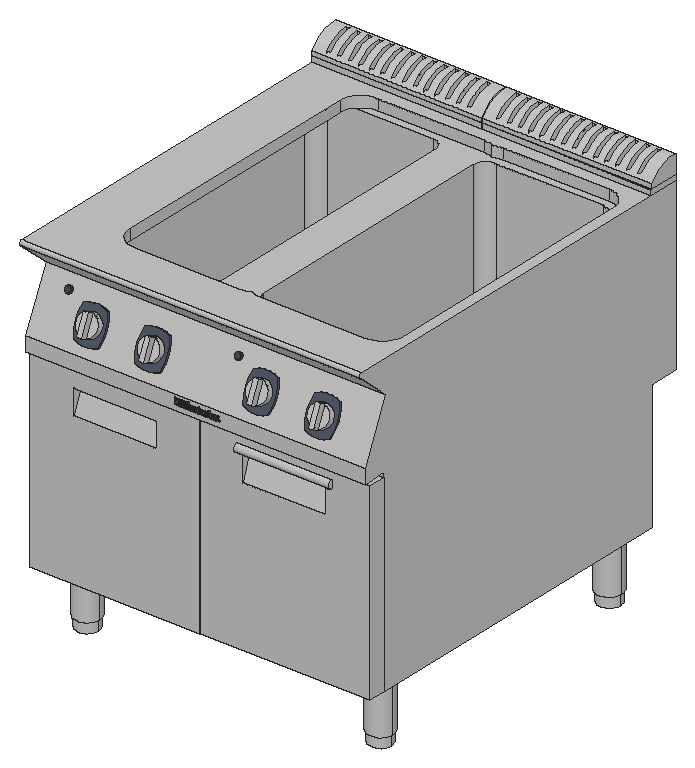
Revit family "QF_ELECTROLUXPROFESSIONAL_391625_E9OODTBAMEI", category Attrezzature speciali, Revit 2018
Family settings
  Quota connettore circolare = Usa diametro
  Tipo di parte = Normale
  Basato su piano di lavoro = No
  Sempre verticale = Sì
  Taglio con vuoti quando caricato = No
  Condiviso = No
  Punto di calcolo locali = No
Parameters (values of type "Standard")
  Weight = 115.00 kg
  Watts = 0 W
  Volts = 0 V
  URL Manufacturer = "https://www.electroluxprofessional.com/"
  URL = "https://www.electroluxprofessional.com/"
  Steam Supply Size = 0"
  Steam Supply Minimum Pressure = 0.00 psi
  Steam Supply Maximum Pressure = 0.00 psi
  Steam Consumption per Hour = 0
  Show Logo [instance] = yes
  Show Clearance [instance] = yes
  Refrigeration Suction Line Size = 0 mm
  Refrigeration Liquid Line Size = 0 mm
  Refrigerant Compressor Remote = yes
  Phase = 0
  Modello = "E9OODTBAMEI"
  Produttore = "Electrolux Professional"
  Length Actual = 800 mm  # constant formula
  Item Number = "391625"
  Hot Water Size = 0"
  Height Actual = 850 mm  # constant formula
  HP = "0 HP"
  Gas Size = 1/2"
  Gas KW = 33
  Gas Input Pressure = 1.10315 Btu/h
  Direct Waste Size = 1"
  Descrizione = "GAS PASTA COOKER 2X40 LT WELLS - QMARK"
  Depth Actual = 930 mm  # constant formula
  Cycle = 0 Hz
  Condensate Return Size = 0"
  Compressed Air Volume = 0 GPM
  Compressed Air Size = 0"
  Compressed Air Pressure = 0.00 psi
  Cold Water Size = 3/4"
  Base Height [instance] = 150 mm  # constant formula
  Accessory = yes
Values of the unnamed type that differ from the named types
  Weight = 0.00 kg
  URL Manufacturer = ""
  Item Number = ""
  HP = ""
  Gas KW = 0
  Gas Input Pressure = 0.0 Btu/h
Reference planes
  plane 1 "BACK": y = 0
  plane 2: z = 0
  plane 3 "LEFT": x = 0
  plane 4 "RIGHT": x = 800
  plane 5 "FRONT": y = -930
  plane 6 "TOP": z = 908
  plane 7 "Center Y": x = 400
  plane 8 "Center X": y = -465
  plane 9 "BASE": z = 601.763
  plane 10 "TOP A": z = 851
  plane 11: z = 150
  plane 12: y = -126
  plane 13: y = -800
  plane 14: y = -1288
  plane 15: x = 755
  plane 16: x = 232
  plane 17: x = 65
  plane 18: x = 737
  plane 19: x = 633
  plane 20: x = 55
  plane 21: x = 745
Forms (mm)
  Extrusion 1, solid, material "QF_Finishes_Stainless Steel"
    sketch origin (0, 0, 0) x (0, 1, 0) y (0, 0, 1)
      loop
        line (0, 851) -> (-923.65, 851)
        arc (-923.65, 851) -> (-929.517, 847.08) -> (-928.14, 840.16) r 6.35
        line (-928.14, 840.16) -> (-852.034, 773.495) -> (-912.145, 642.892) -> (-912.145, 608.853) -> (-858.773, 614.463) -> (-858.773, 150) -> (-70, 150) -> (-70, 451.763) -> (0, 451.763) -> (0, 851)
      loop
        line (-900, 601.763) -> (-900, 150) -> (-860.361, 150) -> (-860.361, 601.763) -> (-900, 601.763)
    from 0 to 800
  Extrusion 2, solid, material "QF_Clearances", visible <- "Show Clearance", detail levels coarse
    sketch origin (0, 0, 0) x (1, 0, 0) y (0, 1, 0)
      loop
        line (0, -930) -> (0, 0) -> (800, 0) -> (800, -930) -> (950.019, -930) -> (950.019, 150.019) -> (-150.019, 150.019) -> (-150.019, -930) -> (0, -930)
    from 0 to 908
  Extrusion 3, solid, material "QF_Door-Drawer Clearances", visible <- "Show Clearance", detail levels coarse
    sketch origin (400, 0, 851) x (1, 0, 0) y (0, 1, 0)
      loop
        arc (-400, -1288) -> (-124.279, -1172.327) -> (-0.826, -900) r 409.234
        line (-0.826, -900) -> (-400, -900) -> (-400, -1288)
    from -701 to -249.237
  Extrusion 4, solid, material "QF_Door-Drawer Clearances", visible <- "Show Clearance", detail levels coarse
    sketch origin (400, 0, 851) x (-1, 0, 0) y (0, -1, 0)
      loop
        line (-400, 1288) -> (-400, 900) -> (-0.826, 900)
        arc (-0.826, 900) -> (-124.279, 1172.327) -> (-400, 1288) r 409.234
    from -701 to -249.237
  Extrusion 5, solid, material "QF_Finishes_Navy Blue", visible <- "Show Logo"
    sketch origin (201.175, -912.145, 608.853) x (0, 0, 1) y (-1, 0, 0)
      loop
        line (27.359, -159.055) -> (14.993, -159.055)
        arc (14.993, -159.055) -> (21.176, -163.626) -> (27.359, -159.055) r 6.467
      loop
        arc (27.359, -158.426) -> (26.19, -153.283) -> (21.534, -150.805) r 6.338
        line (21.534, -150.805) -> (21.534, -152.851)
        arc (21.534, -152.851) -> (23.018, -156.506) -> (26.464, -158.426) r 5.941
        line (26.464, -158.426) -> (27.359, -158.426)
      loop
        arc (15.888, -158.426) -> (19.334, -156.506) -> (20.817, -152.851) r 5.941
        line (20.817, -152.851) -> (20.817, -150.805)
        arc (20.817, -150.805) -> (16.123, -153.279) -> (14.834, -158.426) r 6.504
        line (14.834, -158.426) -> (15.888, -158.426)
      loop
        line (28.034, -150.336) -> (14.29, -150.336) -> (14.29, -164.099) -> (28.034, -164.099) -> (28.034, -150.336)
      loop
        arc (28.118, -167.066) -> (27.77, -166.709) -> (27.403, -167.047) r 0.358
        arc (27.403, -167.047) -> (27.089, -167.797) -> (26.372, -168.182) r 1.216
        line (26.372, -168.182) -> (15.959, -168.182)
        arc (15.959, -168.182) -> (15.299, -167.904) -> (14.903, -167.308) r 1.238
        arc (14.903, -167.308) -> (14.509, -167.057) -> (14.203, -167.411) r 0.358
        line (14.203, -167.411) -> (14.203, -177.29) -> (16.954, -177.29) -> (16.954, -176.393)
        arc (16.954, -176.393) -> (16.045, -175.813) -> (15.589, -174.836) r 1.928
        line (15.589, -174.836) -> (15.589, -172.337)
        arc (15.589, -172.337) -> (15.865, -171.608) -> (16.553, -171.244) r 1.101
        line (16.553, -171.244) -> (20.64, -171.244) -> (20.64, -174.917)
        arc (20.64, -174.917) -> (20.287, -175.414) -> (19.722, -175.642) r 1.083
        arc (19.722, -175.642) -> (19.459, -175.948) -> (19.751, -176.226) r 0.292
        line (19.751, -176.226) -> (22.713, -176.226)
        arc (22.713, -176.226) -> (23.016, -175.953) -> (22.777, -175.623) r 0.305
        arc (22.777, -175.623) -> (22.286, -175.375) -> (21.981, -174.917) r 1.083
        line (21.981, -174.917) -> (21.981, -171.244) -> (26.659, -171.244) -> (26.659, -174.991)
        arc (26.659, -174.991) -> (26.444, -175.747) -> (25.838, -176.245) r 1.314
        arc (25.838, -176.245) -> (25.619, -176.649) -> (25.973, -176.941) r 0.361
        line (25.973, -176.941) -> (28.118, -176.941) -> (28.118, -167.066)
      loop
        arc (27.4, -177.722) -> (27.02, -178.641) -> (26.101, -179.021) r 1.299
        line (26.101, -179.021) -> (16.522, -179.021)
        arc (16.522, -179.021) -> (15.684, -178.643) -> (15.413, -177.765) r 1.118
        line (15.413, -177.765) -> (14.203, -177.765) -> (14.203, -183.115) -> (15.391, -183.115)
        arc (15.391, -183.115) -> (15.663, -182.198) -> (16.533, -181.802) r 1.153
        line (16.533, -181.802) -> (28.605, -181.802) -> (27.4, -177.722)
      loop
        line (19.168, -185.751) -> (19.168, -192.198) -> (19.967, -192.198)
        arc (19.967, -192.198) -> (22.547, -191.214) -> (23.816, -188.76) r 3.874
        line (23.816, -188.76) -> (23.816, -187)
        arc (23.816, -187) -> (22.629, -184.135) -> (19.765, -182.949) r 4.051
        line (19.765, -182.949) -> (17.757, -182.949)
        arc (17.757, -182.949) -> (14.938, -184.434) -> (13.887, -187.441) r 4.352
        arc (13.887, -187.441) -> (14.251, -189.904) -> (15.629, -191.978) r 5.713
        line (15.629, -191.978) -> (16.578, -191.978)
        arc (16.578, -191.978) -> (15.845, -190.409) -> (15.629, -188.691) r 5.579
        arc (15.629, -188.691) -> (16.422, -186.728) -> (18.301, -185.751) r 3.057
        line (18.301, -185.751) -> (19.168, -185.751)
      loop
        line (20.427, -185.751) -> (20.427, -189.333)
        arc (20.427, -189.333) -> (21.884, -189.38) -> (22.767, -188.221) r 1.59
        line (22.767, -188.221) -> (22.767, -187.391)
        arc (22.767, -187.391) -> (21.902, -186.136) -> (20.427, -185.751) r 2.184
      loop
        arc (23.218, -201.616) -> (23.707, -199.942) -> (23.864, -198.205) r 9.023
        line (23.864, -198.205) -> (23.864, -196.843)
        arc (23.864, -196.843) -> (22.705, -194.043) -> (19.905, -192.883) r 3.959
        line (19.905, -192.883) -> (17.305, -192.883)
        arc (17.305, -192.883) -> (15.023, -194.176) -> (13.906, -196.549) r 4.331
        line (13.906, -196.549) -> (13.906, -198.684)
        arc (13.906, -198.684) -> (14.414, -200.234) -> (15.336, -201.58) r 5.772
        arc (15.336, -201.58) -> (16.098, -201.631) -> (16.184, -200.872) r 0.553
        arc (16.184, -200.872) -> (15.796, -200.138) -> (15.662, -199.319) r 2.573
        line (15.662, -199.319) -> (15.662, -197.804)
        arc (15.662, -197.804) -> (16.668, -196.162) -> (18.483, -195.52) r 2.884
        line (18.483, -195.52) -> (19.762, -195.52)
        arc (19.762, -195.52) -> (21.583, -196.08) -> (22.509, -197.745) r 2.554
        line (22.509, -197.745) -> (22.509, -198.798)
        arc (22.509, -198.798) -> (22.178, -199.726) -> (21.521, -200.461) r 2.564
        arc (21.521, -200.461) -> (21.299, -201.178) -> (21.909, -201.616) r 0.643
        line (21.909, -201.616) -> (23.218, -201.616)
      loop
        line (22.2, -201.886) -> (22.2, -203.387) -> (16.152, -203.387)
        arc (16.152, -203.387) -> (14.564, -204.045) -> (13.906, -205.633) r 2.246
        line (13.906, -205.633) -> (13.906, -207.217)
        arc (13.906, -207.217) -> (14.22, -208.081) -> (14.72, -208.853) r 4.06
        arc (14.72, -208.853) -> (15.453, -208.986) -> (15.704, -208.285) r 0.576
        arc (15.704, -208.285) -> (15.598, -207.759) -> (15.662, -207.227) r 1.69
        arc (15.662, -207.227) -> (16.204, -206.439) -> (17.11, -206.136) r 1.506
        line (17.11, -206.136) -> (22.248, -206.136) -> (22.248, -208.533) -> (22.805, -209.089) -> (23.626, -209.089) -> (23.626, -206.23) -> (26.857, -206.23) -> (22.2, -201.886)
      loop
        line (14.124, -209.987) -> (14.124, -215.374) -> (15.234, -215.374)
        arc (15.234, -215.374) -> (15.627, -214.423) -> (16.578, -214.029) r 1.345
        line (16.578, -214.029) -> (20.195, -214.029)
        arc (20.195, -214.029) -> (20.959, -214.621) -> (21.249, -215.543) r 1.615
        line (21.249, -215.543) -> (21.249, -217.099) -> (23.805, -217.784) -> (23.805, -216.401) -> (21.862, -213.842) -> (23.742, -213.842) -> (23.458, -211.136)
        arc (23.458, -211.136) -> (23.018, -210.606) -> (22.359, -210.807) r 0.621
        arc (22.359, -210.807) -> (21.959, -211.149) -> (21.465, -211.332) r 1.501
        line (21.465, -211.332) -> (16.578, -211.332)
        arc (16.578, -211.332) -> (15.627, -210.938) -> (15.234, -209.987) r 1.345
        line (15.234, -209.987) -> (14.124, -209.987)
      loop
        line (20.225, -217.321) -> (17.533, -217.321)
        arc (17.533, -217.321) -> (15.088, -218.629) -> (13.954, -221.159) r 4.288
        arc (13.954, -221.159) -> (13.89, -222.54) -> (13.954, -223.92) r 15.022
        arc (13.954, -223.92) -> (15.088, -226.451) -> (17.533, -227.758) r 4.288
        line (17.533, -227.758) -> (20.225, -227.758)
        arc (20.225, -227.758) -> (22.671, -226.451) -> (23.805, -223.92) r 4.288
        arc (23.805, -223.92) -> (23.868, -222.54) -> (23.805, -221.159) r 15.022
        arc (23.805, -221.159) -> (22.671, -218.629) -> (20.225, -217.321) r 4.288
      loop
        line (20.43, -220.435) -> (17.328, -220.435)
        arc (17.328, -220.435) -> (15.171, -222.592) -> (17.328, -224.749) r 2.157
        line (17.328, -224.749) -> (20.43, -224.749)
        arc (20.43, -224.749) -> (22.587, -222.592) -> (20.43, -220.435) r 2.157
      loop
        arc (27.411, -227.616) -> (27.041, -228.51) -> (26.147, -228.881) r 1.264
        line (26.147, -228.881) -> (16.282, -228.881)
        arc (16.282, -228.881) -> (15.412, -228.484) -> (15.141, -227.568) r 1.153
        line (15.141, -227.568) -> (14.203, -227.568) -> (14.203, -232.676) -> (15.131, -232.676)
        arc (15.131, -232.676) -> (15.49, -231.904) -> (16.282, -231.589) r 1.153
        line (16.282, -231.589) -> (28.605, -231.589) -> (27.411, -227.616)
      loop
        arc (22.531, -232.213) -> (22.332, -233.278) -> (21.363, -233.76) r 1.215
        line (21.363, -233.76) -> (16.343, -233.76)
        arc (16.343, -233.76) -> (14.728, -234.407) -> (14.008, -235.99) r 2.338
        line (14.008, -235.99) -> (14.008, -237.505)
        arc (14.008, -237.505) -> (14.182, -238.509) -> (14.684, -239.395) r 2.979
        line (14.684, -239.395) -> (14.203, -241.192) -> (14.203, -242.88) -> (23.629, -242.88) -> (23.335, -238.677) -> (22.548, -238.677)
        arc (22.548, -238.677) -> (22.192, -239.513) -> (21.44, -240.022) r 1.605
        line (21.44, -240.022) -> (16.337, -240.022)
        arc (16.337, -240.022) -> (15.917, -239.085) -> (15.844, -238.061) r 2.94
        arc (15.844, -238.061) -> (16.405, -236.96) -> (17.558, -236.517) r 1.724
        line (17.558, -236.517) -> (23.755, -236.517) -> (22.531, -232.213)
      loop
        line (23.559, -243.734) -> (21.887, -245.78) -> (18.713, -248.086) -> (15.257, -244.974)
        arc (15.257, -244.974) -> (15.02, -244.58) -> (15.042, -244.121) r 0.789
        line (15.042, -244.121) -> (14.203, -244.121) -> (14.203, -247.666) -> (15.029, -247.666)
        arc (15.029, -247.666) -> (15.372, -247.304) -> (15.862, -247.396) r 0.52
        line (15.862, -247.396) -> (17.661, -248.867) -> (15.543, -250.242)
        arc (15.543, -250.242) -> (15.142, -249.932) -> (15.055, -249.433) r 0.7
        line (15.055, -249.433) -> (14.203, -249.433) -> (14.203, -255.36) -> (15.09, -255.36)
        arc (15.09, -255.36) -> (15.157, -254.701) -> (15.552, -254.17) r 1.247
        line (15.552, -254.17) -> (19.751, -250.889) -> (22.198, -252.942) -> (23.559, -254.684) -> (23.559, -250.96) -> (22.074, -251.383) -> (20.553, -250.106) -> (22.253, -248.916) -> (23.559, -249.692) -> (23.559, -243.734)
    from 0 to 1.644
  Extrusion 6, solid, material "QF_Finishes_Stainless Steel"
    sketch origin (200, 0, 0) x (0, 1, 0) y (0, 0, 1)
      loop
        line (-71.89, 863.9) -> (-71.89, 851) -> (0, 851) -> (0, 863.9) -> (-71.89, 863.9)
    from -200 to 200
  Extrusion 7, solid, material "QF_Finishes_Stainless Steel"
    sketch origin (0, 0, 574.263) x (0, 1, 0) y (0, 0, 1)
      loop
        line (0, 289.638) -> (0, 333.737)
        arc (0, 333.737) -> (-39.336, 326.03) -> (-69.85, 300.038) r 79.141
        line (-69.85, 300.038) -> (-69.85, 289.638) -> (0, 289.638)
    from 0 to 400
  Extrusion 8, void
    sketch origin (0, 0, 848.9) x (0, -1, 0) y (1, 0, 0)
      loop
        line (6.761, 29.703) -> (63.911, 29.703) -> (63.911, 38.999) -> (6.761, 38.999) -> (6.761, 29.703)
      loop
        line (63.911, 64.487) -> (6.761, 64.487) -> (6.761, 55.191) -> (63.911, 55.191) -> (63.911, 64.487)
      loop
        line (63.911, 89.975) -> (6.761, 89.975) -> (6.761, 80.68) -> (63.911, 80.68) -> (63.911, 89.975)
      loop
        line (63.911, 115.464) -> (6.761, 115.464) -> (6.761, 106.168) -> (63.911, 106.168) -> (63.911, 115.464)
      loop
        line (63.911, 140.952) -> (6.761, 140.952) -> (6.761, 131.656) -> (63.911, 131.656) -> (63.911, 140.952)
      loop
        line (63.911, 166.44) -> (6.761, 166.44) -> (6.761, 157.145) -> (63.911, 157.145) -> (63.911, 166.44)
      loop
        line (63.911, 191.929) -> (6.761, 191.929) -> (6.761, 182.633) -> (63.911, 182.633) -> (63.911, 191.929)
      loop
        line (63.911, 217.417) -> (6.761, 217.417) -> (6.761, 208.121) -> (63.911, 208.121) -> (63.911, 217.417)
      loop
        line (63.911, 242.905) -> (6.761, 242.905) -> (6.761, 233.61) -> (63.911, 233.61) -> (63.911, 242.905)
      loop
        line (63.911, 268.394) -> (6.761, 268.394) -> (6.761, 259.098) -> (63.911, 259.098) -> (63.911, 268.394)
      loop
        line (63.911, 293.882) -> (6.761, 293.882) -> (6.761, 284.586) -> (63.911, 284.586) -> (63.911, 293.882)
      loop
        line (63.911, 319.37) -> (6.761, 319.37) -> (6.761, 310.075) -> (63.911, 310.075) -> (63.911, 319.37)
      loop
        line (63.911, 344.859) -> (6.761, 344.859) -> (6.761, 335.563) -> (63.911, 335.563) -> (63.911, 344.859)
      loop
        line (63.911, 370.347) -> (6.761, 370.347) -> (6.761, 361.051) -> (63.911, 361.051) -> (63.911, 370.347)
    from 25.4 to 63.5
  Extrusion 9, solid, material "QF_Finishes_Stainless Steel"
    sketch origin (600, 0, 0) x (0, 1, 0) y (0, 0, -1)
      loop
        line (-71.89, -863.9) -> (0, -863.9) -> (0, -851) -> (-71.89, -851) -> (-71.89, -863.9)
    from -200 to 200
  Extrusion 10, solid, material "QF_Finishes_Stainless Steel"
    sketch origin (800, 0, 574.263) x (0, 1, 0) y (0, 0, -1)
      loop
        line (0, -289.638) -> (-69.85, -289.638) -> (-69.85, -300.038)
        arc (-69.85, -300.038) -> (-39.336, -326.03) -> (0, -333.737) r 79.141
        line (0, -333.737) -> (0, -289.638)
    from 0 to 400
  Extrusion 11, void
    sketch origin (800, 0, 848.9) x (0, -1, 0) y (1, 0, 0)
      loop
        line (6.761, -29.703) -> (6.761, -38.999) -> (63.911, -38.999) -> (63.911, -29.703) -> (6.761, -29.703)
      loop
        line (63.911, -64.487) -> (63.911, -55.191) -> (6.761, -55.191) -> (6.761, -64.487) -> (63.911, -64.487)
      loop
        line (63.911, -89.975) -> (63.911, -80.68) -> (6.761, -80.68) -> (6.761, -89.975) -> (63.911, -89.975)
      loop
        line (63.911, -115.464) -> (63.911, -106.168) -> (6.761, -106.168) -> (6.761, -115.464) -> (63.911, -115.464)
      loop
        line (63.911, -140.952) -> (63.911, -131.656) -> (6.761, -131.656) -> (6.761, -140.952) -> (63.911, -140.952)
      loop
        line (63.911, -166.44) -> (63.911, -157.145) -> (6.761, -157.145) -> (6.761, -166.44) -> (63.911, -166.44)
      loop
        line (63.911, -191.929) -> (63.911, -182.633) -> (6.761, -182.633) -> (6.761, -191.929) -> (63.911, -191.929)
      loop
        line (63.911, -217.417) -> (63.911, -208.121) -> (6.761, -208.121) -> (6.761, -217.417) -> (63.911, -217.417)
      loop
        line (63.911, -242.905) -> (63.911, -233.61) -> (6.761, -233.61) -> (6.761, -242.905) -> (63.911, -242.905)
      loop
        line (63.911, -268.394) -> (63.911, -259.098) -> (6.761, -259.098) -> (6.761, -268.394) -> (63.911, -268.394)
      loop
        line (63.911, -293.882) -> (63.911, -284.586) -> (6.761, -284.586) -> (6.761, -293.882) -> (63.911, -293.882)
      loop
        line (63.911, -319.37) -> (63.911, -310.075) -> (6.761, -310.075) -> (6.761, -319.37) -> (63.911, -319.37)
      loop
        line (63.911, -344.859) -> (63.911, -335.563) -> (6.761, -335.563) -> (6.761, -344.859) -> (63.911, -344.859)
      loop
        line (63.911, -370.347) -> (63.911, -361.051) -> (6.761, -361.051) -> (6.761, -370.347) -> (63.911, -370.347)
    from 25.4 to 63.5
  Extrusion 12, void
    sketch origin (0, -900, 601.763) x (0, 0, -1) y (1, 0, 0)
      loop
        line (451.762, 400.912) -> (0, 400.912) -> (0, 399.088) -> (451.762, 399.088) -> (451.762, 400.912)
    from 0 to -39.639
  Extrusion 13, void
    sketch origin (200, -14.239, 0) x (0, 1, 0) y (0, 0, 1)
      loop
        line (-885.761, 564.263) -> (-885.761, 504.332) -> (-863.948, 564.263) -> (-885.761, 564.263)
    from -96.424 to 99.144
  Extrusion 14, void
    sketch origin (600, -14.239, 0) x (0, 1, 0) y (0, 0, -1)
      loop
        line (-885.761, -564.263) -> (-863.948, -564.263) -> (-885.761, -504.332) -> (-885.761, -564.263)
    from -96.424 to 99.144
  Extrusion 15, solid, material "QF_Finishes_Stainless Steel"
    sketch origin (600, -14.239, 22.5) x (0, 1, 0) y (0, 0, -1)
      loop
        arc (-885.761, -541.858) -> (-895.666, -551.763) -> (-885.761, -561.667) r 9.905
        line (-885.761, -561.667) -> (-885.761, -541.858)
    from -110.529 to 112.106
  Extrusion 16, void
    sketch origin (0, 0, 791) x (1, 0, 0) y (0, 1, 0)
      loop
        line (75, -800) -> (325, -800)
        arc (325, -800) -> (346.213, -791.213) -> (355, -770) r 30
        line (355, -770) -> (355, -606.643)
        arc (355, -606.643) -> (346.213, -627.856) -> (325, -636.643) r 30
        line (325, -636.643) -> (75, -636.643)
        arc (75, -636.643) -> (53.787, -627.856) -> (45, -606.643) r 30
        line (45, -606.643) -> (45, -770)
        arc (45, -770) -> (53.787, -791.213) -> (75, -800) r 30
    from 35 to -189.237
  Extrusion 17, void
    sketch origin (0, 0, 791) x (0, 1, 0) y (-1, 0, 0)
      loop
        arc (-121.89, -75) -> (-130.677, -53.787) -> (-151.89, -45) r 30
        line (-151.89, -45) -> (-606.643, -45)
        arc (-606.643, -45) -> (-627.856, -53.787) -> (-636.643, -75) r 30
        line (-636.643, -75) -> (-636.643, -325)
        arc (-636.643, -325) -> (-627.856, -346.213) -> (-606.643, -355) r 30
        line (-606.643, -355) -> (-151.89, -355)
        arc (-151.89, -355) -> (-130.677, -346.213) -> (-121.89, -325) r 30
        line (-121.89, -325) -> (-121.89, -75)
    from 35 to -339.237
  Extrusion 18, void
    sketch origin (800, 0, 851) x (1, 0, 0) y (0, 1, 0)
      loop
        line (-75, -101.89) -> (-325, -101.89)
        arc (-325, -101.89) -> (-360.355, -116.535) -> (-375, -151.89) r 50
        line (-375, -151.89) -> (-375, -770)
        arc (-375, -770) -> (-360.355, -805.355) -> (-325, -820) r 50
        line (-325, -820) -> (-75, -820)
        arc (-75, -820) -> (-39.645, -805.355) -> (-25, -770) r 50
        line (-25, -770) -> (-25, -151.89)
        arc (-25, -151.89) -> (-39.645, -116.535) -> (-75, -101.89) r 50
    from 0 to -25
  Extrusion 19, void
    sketch origin (800, 0, 791) x (-1, 0, 0) y (0, -1, 0)
      loop
        arc (75, 800) -> (53.787, 791.213) -> (45, 770) r 30
        line (45, 770) -> (45, 606.643)
        arc (45, 606.643) -> (53.787, 627.856) -> (75, 636.643) r 30
        line (75, 636.643) -> (325, 636.643)
        arc (325, 636.643) -> (346.213, 627.856) -> (355, 606.643) r 30
        line (355, 606.643) -> (355, 770)
        arc (355, 770) -> (346.213, 791.213) -> (325, 800) r 30
        line (325, 800) -> (75, 800)
    from 35 to -189.237
  Extrusion 20, void
    sketch origin (800, 0, 791) x (0, -1, 0) y (1, 0, 0)
      loop
        line (121.89, -75) -> (121.89, -325)
        arc (121.89, -325) -> (130.677, -346.213) -> (151.89, -355) r 30
        line (151.89, -355) -> (606.643, -355)
        arc (606.643, -355) -> (627.856, -346.213) -> (636.643, -325) r 30
        line (636.643, -325) -> (636.643, -75)
        arc (636.643, -75) -> (627.856, -53.787) -> (606.643, -45) r 30
        line (606.643, -45) -> (151.89, -45)
        arc (151.89, -45) -> (130.677, -53.787) -> (121.89, -75) r 30
    from 35 to -339.237
  Extrusion 21, solid, material "QF_Finishes_Navy Blue"
    sketch origin (-405.52, -913.486, 639.979) x (0, 0.418102, 0.9084) y (-1, 0, 0)
      loop
        arc (102.623, -510.47) -> (67.041, -502.846) -> (31.333, -509.853) r 90.5
        arc (31.333, -509.853) -> (24.507, -539.04) -> (31.333, -568.228) r 65.817
        arc (31.333, -568.228) -> (67.04, -575.188) -> (102.623, -567.615) r 91.066
        arc (102.623, -567.615) -> (109.179, -539.043) -> (102.623, -510.47) r 65.546
    from 0 to 3.175
  Extrusion 22, solid, material "QF_Finishes_Stainless Steel"
    sketch origin (-26.77, -917.2, 639.505) x (0, 0.418102, 0.9084) y (-1, 0, 0)
      loop
        circle (68.826, -160.963) r 25.4
    from 0 to 12.7
  Extrusion 23, solid, material "QF_Finishes_Stainless Steel"
    sketch origin (-26.77, -928.736, 644.814) x (0, 0.418102, 0.9084) y (-1, 0, 0)
      loop
        arc (93.558, -166.749) -> (94.226, -160.963) -> (93.558, -155.177) r 25.4
        line (93.558, -155.177) -> (44.094, -155.177)
        arc (44.094, -155.177) -> (43.426, -160.963) -> (44.094, -166.749) r 25.4
        line (44.094, -166.749) -> (93.558, -166.749)
    from 0 to 12.7
  Extrusion 24, solid, material "QF_Finishes_Navy Blue"
    sketch origin (-260.52, -913.486, 639.979) x (0, 0.418102, 0.9084) y (-1, 0, 0)
      loop
        arc (102.623, -510.47) -> (67.041, -502.846) -> (31.333, -509.853) r 90.5
        arc (31.333, -509.853) -> (24.507, -539.04) -> (31.333, -568.228) r 65.817
        arc (31.333, -568.228) -> (67.04, -575.188) -> (102.623, -567.615) r 91.066
        arc (102.623, -567.615) -> (109.179, -539.043) -> (102.623, -510.47) r 65.546
    from 0 to 3.175
  Extrusion 25, solid, material "QF_Finishes_Stainless Steel"
    sketch origin (118.23, -917.2, 639.505) x (0, 0.418102, 0.9084) y (-1, 0, 0)
      loop
        circle (68.826, -160.963) r 25.4
    from 0 to 12.7
  Extrusion 26, solid, material "QF_Finishes_Stainless Steel"
    sketch origin (118.23, -928.736, 644.814) x (0, 0.418102, 0.9084) y (-1, 0, 0)
      loop
        arc (93.558, -166.749) -> (94.226, -160.963) -> (93.558, -155.177) r 25.4
        line (93.558, -155.177) -> (44.094, -155.177)
        arc (44.094, -155.177) -> (43.426, -160.963) -> (44.094, -166.749) r 25.4
        line (44.094, -166.749) -> (93.558, -166.749)
    from 0 to 12.7
  Extrusion 27, solid, material "QF_Finishes_Black"
    sketch origin (-36.317, -915, 636.69) x (0, 0.418102, 0.9084) y (-1, 0, 0)
      loop
        circle (117.556, -101.317) r 7.5
    from 0 to 4
  Extrusion 28, solid, material "QF_Finishes_Navy Blue"
    sketch origin (-5.52, -913.486, 639.979) x (0, 0.418102, 0.9084) y (-1, 0, 0)
      loop
        arc (102.623, -510.47) -> (67.041, -502.846) -> (31.333, -509.853) r 90.5
        arc (31.333, -509.853) -> (24.507, -539.04) -> (31.333, -568.228) r 65.817
        arc (31.333, -568.228) -> (67.04, -575.188) -> (102.623, -567.615) r 91.066
        arc (102.623, -567.615) -> (109.179, -539.043) -> (102.623, -510.47) r 65.546
    from 0 to 3.175
  Extrusion 29, solid, material "QF_Finishes_Stainless Steel"
    sketch origin (373.23, -917.2, 639.505) x (0, 0.418102, 0.9084) y (-1, 0, 0)
      loop
        circle (68.826, -160.963) r 25.4
    from 0 to 12.7
  Extrusion 30, solid, material "QF_Finishes_Stainless Steel"
    sketch origin (373.23, -928.736, 644.814) x (0, 0.418102, 0.9084) y (-1, 0, 0)
      loop
        arc (93.558, -166.749) -> (94.226, -160.963) -> (93.558, -155.177) r 25.4
        line (93.558, -155.177) -> (44.094, -155.177)
        arc (44.094, -155.177) -> (43.426, -160.963) -> (44.094, -166.749) r 25.4
        line (44.094, -166.749) -> (93.558, -166.749)
    from 0 to 12.7
  Extrusion 31, solid, material "QF_Finishes_Navy Blue"
    sketch origin (139.48, -913.486, 639.979) x (0, 0.418102, 0.9084) y (-1, 0, 0)
      loop
        arc (102.623, -510.47) -> (67.041, -502.846) -> (31.333, -509.853) r 90.5
        arc (31.333, -509.853) -> (24.507, -539.04) -> (31.333, -568.228) r 65.817
        arc (31.333, -568.228) -> (67.04, -575.188) -> (102.623, -567.615) r 91.066
        arc (102.623, -567.615) -> (109.179, -539.043) -> (102.623, -510.47) r 65.546
    from 0 to 3.175
  Extrusion 32, solid, material "QF_Finishes_Stainless Steel"
    sketch origin (518.23, -917.2, 639.505) x (0, 0.418102, 0.9084) y (-1, 0, 0)
      loop
        circle (68.826, -160.963) r 25.4
    from 0 to 12.7
  Extrusion 33, solid, material "QF_Finishes_Stainless Steel"
    sketch origin (518.23, -928.736, 644.814) x (0, 0.418102, 0.9084) y (-1, 0, 0)
      loop
        arc (93.558, -166.749) -> (94.226, -160.963) -> (93.558, -155.177) r 25.4
        line (93.558, -155.177) -> (44.094, -155.177)
        arc (44.094, -155.177) -> (43.426, -160.963) -> (44.094, -166.749) r 25.4
        line (44.094, -166.749) -> (93.558, -166.749)
    from 0 to 12.7
  Extrusion 34, solid, material "QF_Finishes_Black"
    sketch origin (363.683, -915, 636.69) x (0, 0.418102, 0.9084) y (-1, 0, 0)
      loop
        circle (117.556, -101.317) r 7.5
    from 0 to 4
  Extrusion 35, solid, material "QF_Finishes_Stainless Steel"
    sketch origin (0, 0, 0) x (1, 0, 0) y (0, 1, 0)
      loop
        circle (232, -780) r 12.7
    from 176 to 292.788
  Extrusion 36, solid, material "QF_Finishes_Stainless Steel"
    sketch origin (-72.372, 89.372, 0) x (1, 0, 0) y (0, 1, 0)
      loop
        circle (137.372, -792.372) r 6.35
    from 190 to 292.788
  Extrusion 37, solid, material "QF_Finishes_Stainless Steel"
    sketch origin (552.628, 92.372, 0) x (1, 0, 0) y (0, 1, 0)
      loop
        circle (184.372, -792.372) r 9.525
    from 200 to 331.575
  Extrusion 38, solid, material "QF_Finishes_Stainless Steel"
    sketch origin (800, 0, 0) x (-1, 0, 0) y (0, -1, 0)
      loop
        circle (167, 780) r 12.7
    from 176 to 292.788
  Extrusion 39, void
    sketch origin (105, 0, 851) x (-1, 0, 0) y (0, -1, 0)
      loop
        arc (-75, 101.89) -> (-39.645, 116.535) -> (-25, 151.89) r 50
        line (-25, 151.89) -> (-25, 770)
        arc (-25, 770) -> (-39.645, 805.355) -> (-75, 820) r 50
        line (-75, 820) -> (-325, 820)
        arc (-325, 820) -> (-360.355, 805.355) -> (-375, 770) r 50
        line (-375, 770) -> (-375, 151.89)
        arc (-375, 151.89) -> (-360.355, 116.535) -> (-325, 101.89) r 50
        line (-325, 101.89) -> (-75, 101.89)
    from 0 to -25
  Revolve 40, solid, material "QF_Finishes_Stainless Steel"
    sketch origin (-1, -126, 608.09) x (0, 0, 1) y (-1, 0, 0)
      loop
        line (-608.09, -56) -> (-458.09, -56) -> (-458.09, -26) -> (-583.09, -26) -> (-583.09, -29.75) -> (-608.09, -29.75) -> (-608.09, -56)
      axis (-608.09, -56) -> (-458.09, -56)
    angle from 0 to 360
  Revolve 41, solid, material "QF_Finishes_Stainless Steel"
    sketch origin (-1, -800, 608.09) x (0, 0, 1) y (1, 0, 0)
      loop
        line (-608.09, 56) -> (-608.09, 29.75) -> (-583.09, 29.75) -> (-583.09, 26) -> (-458.09, 26) -> (-458.09, 56) -> (-608.09, 56)
      axis (-608.09, 56) -> (-458.09, 56)
    angle from 0 to 360
  Revolve 42, solid, material "QF_Finishes_Stainless Steel"
    sketch origin (801, -126, 608.09) x (0, 0, 1) y (-1, 0, 0)
      loop
        line (-608.09, 56) -> (-608.09, 29.75) -> (-583.09, 29.75) -> (-583.09, 26) -> (-458.09, 26) -> (-458.09, 56) -> (-608.09, 56)
      axis (-608.09, 56) -> (-458.09, 56)
    angle from 0 to 360
  Revolve 43, solid, material "QF_Finishes_Stainless Steel"
    sketch origin (801, -800, 608.09) x (0, 0, 1) y (1, 0, 0)
      loop
        line (-608.09, -56) -> (-458.09, -56) -> (-458.09, -26) -> (-583.09, -26) -> (-583.09, -29.75) -> (-608.09, -29.75) -> (-608.09, -56)
      axis (-608.09, -56) -> (-458.09, -56)
    angle from 0 to 360
Cuts and joins
  Extrusion 12, Extrusion 13, Extrusion 14, Extrusion 16, Extrusion 17, Extrusion 18, Extrusion 19, Extrusion 20, Extrusion 39 cuts Extrusion 1
  Extrusion 8, Extrusion 11 cuts Extrusion 7
  Extrusion 11 cuts Extrusion 10
  Extrusion 14 cuts Extrusion 4
Lines and regions (mm)
  Split face 1
    outline origin (-405.52, -916.37, 641.306) x (0, 0.418102, 0.9084) y (-1, 0, 0)
      loop
        arc (67.041, -503.158) -> (48.669, -506.69) -> (35.363, -519.842) r 32.191
        line (35.363, -519.842) -> (45.047, -525.087)
        arc (45.047, -525.087) -> (54.648, -516.737) -> (67.041, -513.859) r 26.351
        line (67.041, -513.859) -> (67.041, -503.158)
  Split face 2
    outline origin (-405.52, -916.37, 641.306) x (0, 0.418102, 0.9084) y (-1, 0, 0)
      loop
        line (44.251, -526.293) -> (34.615, -521.075)
        arc (34.615, -521.075) -> (41.047, -560.592) -> (81.049, -562.261) r 31.684
        arc (81.049, -562.261) -> (48.21, -559.05) -> (44.251, -526.293) r 26.351
  Split face 3
    outline origin (-260.52, -916.37, 641.306) x (0, 0.418102, 0.9084) y (-1, 0, 0)
      loop
        arc (67.041, -503.158) -> (48.669, -506.69) -> (35.363, -519.842) r 32.191
        line (35.363, -519.842) -> (45.047, -525.087)
        arc (45.047, -525.087) -> (54.648, -516.737) -> (67.041, -513.859) r 26.351
        line (67.041, -513.859) -> (67.041, -503.158)
  Split face 4
    outline origin (-260.52, -916.37, 641.306) x (0, 0.418102, 0.9084) y (-1, 0, 0)
      loop
        line (44.251, -526.293) -> (34.615, -521.075)
        arc (34.615, -521.075) -> (41.047, -560.592) -> (81.049, -562.261) r 31.684
        arc (81.049, -562.261) -> (48.21, -559.05) -> (44.251, -526.293) r 26.351
  Split face 5
    outline origin (-5.52, -916.37, 641.306) x (0, 0.418102, 0.9084) y (-1, 0, 0)
      loop
        arc (67.041, -503.158) -> (48.669, -506.69) -> (35.363, -519.842) r 32.191
        line (35.363, -519.842) -> (45.047, -525.087)
        arc (45.047, -525.087) -> (54.648, -516.737) -> (67.041, -513.859) r 26.351
        line (67.041, -513.859) -> (67.041, -503.158)
  Split face 6
    outline origin (-5.52, -916.37, 641.306) x (0, 0.418102, 0.9084) y (-1, 0, 0)
      loop
        line (44.251, -526.293) -> (34.615, -521.075)
        arc (34.615, -521.075) -> (41.047, -560.592) -> (81.049, -562.261) r 31.684
        arc (81.049, -562.261) -> (48.21, -559.05) -> (44.251, -526.293) r 26.351
  Split face 7
    outline origin (139.48, -916.37, 641.306) x (0, 0.418102, 0.9084) y (-1, 0, 0)
      loop
        arc (67.041, -503.158) -> (48.669, -506.69) -> (35.363, -519.842) r 32.191
        line (35.363, -519.842) -> (45.047, -525.087)
        arc (45.047, -525.087) -> (54.648, -516.737) -> (67.041, -513.859) r 26.351
        line (67.041, -513.859) -> (67.041, -503.158)
  Split face 8
    outline origin (139.48, -916.37, 641.306) x (0, 0.418102, 0.9084) y (-1, 0, 0)
      loop
        line (44.251, -526.293) -> (34.615, -521.075)
        arc (34.615, -521.075) -> (41.047, -560.592) -> (81.049, -562.261) r 31.684
        arc (81.049, -562.261) -> (48.21, -559.05) -> (44.251, -526.293) r 26.351
  symbolic lines, style "QF_Clearances", visible <- "Show Clearance", detail levels coarse
    curve 1: line (-150.019, 150.019, 851) -> (-150.019, -931.377, 851)
    curve 2: line (950.019, 150.019, 851) -> (-150.019, 150.019, 851)
    curve 7: line (950.019, 150.019, 851) -> (950.019, -931.377, 851)
  symbolic lines
    curve 3: line (0, -930, 851) -> (0, 0, 851)
    curve 4: line (400, -930, 851) -> (0, -930, 851)
    curve 5: line (0, -71.89, 851) -> (400, -71.89, 851)
    curve 6: line (0, 0, 851) -> (400, 0, 851)
    curve 8: line (800, -930, 851) -> (800, 0, 851)
    curve 9: line (400, -930, 851) -> (800, -930, 851)
    curve 10: line (800, -71.89, 851) -> (400, -71.89, 851)
    curve 11: line (800, 0, 851) -> (400, 0, 851)
    curve 16: line (38.999, -63.911, 851) -> (29.703, -63.911, 851)
    curve 17: line (38.999, -6.761, 851) -> (38.999, -63.911, 851)
    curve 18: line (29.703, -6.761, 851) -> (38.999, -6.761, 851)
    curve 19: line (29.703, -63.911, 851) -> (29.703, -6.761, 851)
    curve 20: line (64.487, -63.911, 851) -> (55.191, -63.911, 851)
    curve 21: line (64.487, -6.761, 851) -> (64.487, -63.911, 851)
    curve 22: line (55.191, -6.761, 851) -> (64.487, -6.761, 851)
    curve 23: line (55.191, -63.911, 851) -> (55.191, -6.761, 851)
    curve 24: line (89.975, -63.911, 851) -> (80.68, -63.911, 851)
    curve 25: line (89.975, -6.761, 851) -> (89.975, -63.911, 851)
    curve 26: line (80.68, -6.761, 851) -> (89.975, -6.761, 851)
    curve 27: line (80.68, -63.911, 851) -> (80.68, -6.761, 851)
    curve 28: line (115.464, -63.911, 851) -> (106.168, -63.911, 851)
    curve 29: line (115.464, -6.761, 851) -> (115.464, -63.911, 851)
    curve 30: line (106.168, -6.761, 851) -> (115.464, -6.761, 851)
    curve 31: line (106.168, -63.911, 851) -> (106.168, -6.761, 851)
    curve 32: line (140.952, -63.911, 851) -> (131.656, -63.911, 851)
    curve 33: line (140.952, -6.761, 851) -> (140.952, -63.911, 851)
    curve 34: line (131.656, -6.761, 851) -> (140.952, -6.761, 851)
    curve 35: line (131.656, -63.911, 851) -> (131.656, -6.761, 851)
    curve 36: line (166.44, -63.911, 851) -> (157.145, -63.911, 851)
    curve 37: line (166.44, -6.761, 851) -> (166.44, -63.911, 851)
    curve 38: line (157.145, -6.761, 851) -> (166.44, -6.761, 851)
    curve 39: line (157.145, -63.911, 851) -> (157.145, -6.761, 851)
    curve 40: line (191.929, -63.911, 851) -> (182.633, -63.911, 851)
    curve 41: line (191.929, -6.761, 851) -> (191.929, -63.911, 851)
    curve 42: line (182.633, -6.761, 851) -> (191.929, -6.761, 851)
    curve 43: line (182.633, -63.911, 851) -> (182.633, -6.761, 851)
    curve 44: line (217.417, -63.911, 851) -> (208.121, -63.911, 851)
    curve 45: line (217.417, -6.761, 851) -> (217.417, -63.911, 851)
    curve 46: line (208.121, -6.761, 851) -> (217.417, -6.761, 851)
    curve 47: line (208.121, -63.911, 851) -> (208.121, -6.761, 851)
    curve 48: line (242.905, -63.911, 851) -> (233.61, -63.911, 851)
    curve 49: line (242.905, -6.761, 851) -> (242.905, -63.911, 851)
    curve 50: line (233.61, -6.761, 851) -> (242.905, -6.761, 851)
    curve 51: line (233.61, -63.911, 851) -> (233.61, -6.761, 851)
    curve 52: line (268.394, -63.911, 851) -> (259.098, -63.911, 851)
    curve 53: line (268.394, -6.761, 851) -> (268.394, -63.911, 851)
    curve 54: line (259.098, -6.761, 851) -> (268.394, -6.761, 851)
    curve 55: line (259.098, -63.911, 851) -> (259.098, -6.761, 851)
    curve 56: line (293.882, -63.911, 851) -> (284.586, -63.911, 851)
    curve 57: line (293.882, -6.761, 851) -> (293.882, -63.911, 851)
    curve 58: line (284.586, -6.761, 851) -> (293.882, -6.761, 851)
    curve 59: line (284.586, -63.911, 851) -> (284.586, -6.761, 851)
    curve 60: line (319.37, -63.911, 851) -> (310.075, -63.911, 851)
    curve 61: line (319.37, -6.761, 851) -> (319.37, -63.911, 851)
    curve 62: line (310.075, -6.761, 851) -> (319.37, -6.761, 851)
    curve 63: line (310.075, -63.911, 851) -> (310.075, -6.761, 851)
    curve 64: line (344.859, -63.911, 851) -> (335.563, -63.911, 851)
    curve 65: line (344.859, -6.761, 851) -> (344.859, -63.911, 851)
    curve 66: line (335.563, -6.761, 851) -> (344.859, -6.761, 851)
    curve 67: line (335.563, -63.911, 851) -> (335.563, -6.761, 851)
    curve 68: line (370.347, -63.911, 851) -> (361.051, -63.911, 851)
    curve 69: line (370.347, -6.761, 851) -> (370.347, -63.911, 851)
    curve 70: line (361.051, -6.761, 851) -> (370.347, -6.761, 851)
    curve 71: line (361.051, -63.911, 851) -> (361.051, -6.761, 851)
    curve 72: line (761.001, -63.911, 851) -> (770.297, -63.911, 851)
    curve 73: line (761.001, -6.761, 851) -> (761.001, -63.911, 851)
    curve 74: line (770.297, -6.761, 851) -> (761.001, -6.761, 851)
    curve 75: line (770.297, -63.911, 851) -> (770.297, -6.761, 851)
    curve 76: line (735.513, -63.911, 851) -> (744.809, -63.911, 851)
    curve 77: line (735.513, -6.761, 851) -> (735.513, -63.911, 851)
    curve 78: line (744.809, -6.761, 851) -> (735.513, -6.761, 851)
    curve 79: line (744.809, -63.911, 851) -> (744.809, -6.761, 851)
    curve 80: line (710.025, -63.911, 851) -> (719.32, -63.911, 851)
    curve 81: line (710.025, -6.761, 851) -> (710.025, -63.911, 851)
    curve 82: line (719.32, -6.761, 851) -> (710.025, -6.761, 851)
    curve 83: line (719.32, -63.911, 851) -> (719.32, -6.761, 851)
    curve 84: line (684.536, -63.911, 851) -> (693.832, -63.911, 851)
    curve 85: line (684.536, -6.761, 851) -> (684.536, -63.911, 851)
    curve 86: line (693.832, -6.761, 851) -> (684.536, -6.761, 851)
    curve 87: line (693.832, -63.911, 851) -> (693.832, -6.761, 851)
    curve 88: line (659.048, -63.911, 851) -> (668.344, -63.911, 851)
    curve 89: line (659.048, -6.761, 851) -> (659.048, -63.911, 851)
    curve 90: line (668.344, -6.761, 851) -> (659.048, -6.761, 851)
    curve 91: line (668.344, -63.911, 851) -> (668.344, -6.761, 851)
    curve 92: line (633.56, -63.911, 851) -> (642.855, -63.911, 851)
    curve 93: line (633.56, -6.761, 851) -> (633.56, -63.911, 851)
    curve 94: line (642.855, -6.761, 851) -> (633.56, -6.761, 851)
    curve 95: line (642.855, -63.911, 851) -> (642.855, -6.761, 851)
    curve 96: line (608.071, -63.911, 851) -> (617.367, -63.911, 851)
    curve 97: line (608.071, -6.761, 851) -> (608.071, -63.911, 851)
    curve 98: line (617.367, -6.761, 851) -> (608.071, -6.761, 851)
    curve 99: line (617.367, -63.911, 851) -> (617.367, -6.761, 851)
    curve 100: line (582.583, -63.911, 851) -> (591.879, -63.911, 851)
    curve 101: line (582.583, -6.761, 851) -> (582.583, -63.911, 851)
    curve 102: line (591.879, -6.761, 851) -> (582.583, -6.761, 851)
    curve 103: line (591.879, -63.911, 851) -> (591.879, -6.761, 851)
    curve 104: line (557.095, -63.911, 851) -> (566.39, -63.911, 851)
    curve 105: line (557.095, -6.761, 851) -> (557.095, -63.911, 851)
    curve 106: line (566.39, -6.761, 851) -> (557.095, -6.761, 851)
    curve 107: line (566.39, -63.911, 851) -> (566.39, -6.761, 851)
    curve 108: line (531.606, -63.911, 851) -> (540.902, -63.911, 851)
    curve 109: line (531.606, -6.761, 851) -> (531.606, -63.911, 851)
    curve 110: line (540.902, -6.761, 851) -> (531.606, -6.761, 851)
    curve 111: line (540.902, -63.911, 851) -> (540.902, -6.761, 851)
    curve 112: line (506.118, -63.911, 851) -> (515.414, -63.911, 851)
    curve 113: line (506.118, -6.761, 851) -> (506.118, -63.911, 851)
    curve 114: line (515.414, -6.761, 851) -> (506.118, -6.761, 851)
    curve 115: line (515.414, -63.911, 851) -> (515.414, -6.761, 851)
    curve 116: line (480.63, -63.911, 851) -> (489.925, -63.911, 851)
    curve 117: line (480.63, -6.761, 851) -> (480.63, -63.911, 851)
    curve 118: line (489.925, -6.761, 851) -> (480.63, -6.761, 851)
    curve 119: line (489.925, -63.911, 851) -> (489.925, -6.761, 851)
    curve 120: line (455.141, -63.911, 851) -> (464.437, -63.911, 851)
    curve 121: line (455.141, -6.761, 851) -> (455.141, -63.911, 851)
    curve 122: line (464.437, -6.761, 851) -> (455.141, -6.761, 851)
    curve 123: line (464.437, -63.911, 851) -> (464.437, -6.761, 851)
    curve 124: line (429.653, -63.911, 851) -> (438.949, -63.911, 851)
    curve 125: line (429.653, -6.761, 851) -> (429.653, -63.911, 851)
    curve 126: line (438.949, -6.761, 851) -> (429.653, -6.761, 851)
    curve 127: line (438.949, -63.911, 851) -> (438.949, -6.761, 851)
    curve 128: line (25, -770, 851) -> (25, -151.89, 851)
    curve 129: arc (25, -151.89, 851) -> (39.645, -116.535, 851) -> (75, -101.89, 851) r 50
    curve 130: line (75, -101.89, 851) -> (325, -101.89, 851)
    curve 131: arc (325, -101.89, 851) -> (360.355, -116.535, 851) -> (375, -151.89, 851) r 50
    curve 132: line (375, -151.89, 851) -> (375, -770, 851)
    curve 133: arc (375, -770, 851) -> (360.355, -805.355, 851) -> (325, -820, 851) r 50
    curve 134: line (325, -820, 851) -> (75, -820, 851)
    curve 135: arc (75, -820, 851) -> (39.645, -805.355, 851) -> (25, -770, 851) r 50
    curve 136: line (475, -101.89, 851) -> (725, -101.89, 851)
    curve 137: arc (725, -101.89, 851) -> (760.355, -116.535, 851) -> (775, -151.89, 851) r 50
    curve 138: line (775, -151.89, 851) -> (775, -770, 851)
    curve 139: arc (775, -770, 851) -> (760.355, -805.355, 851) -> (725, -820, 851) r 50
    curve 140: line (725, -820, 851) -> (475, -820, 851)
    curve 141: arc (475, -820, 851) -> (439.645, -805.355, 851) -> (425, -770, 851) r 50
    curve 142: line (425, -770, 851) -> (425, -151.89, 851)
    curve 143: arc (425, -151.89, 851) -> (439.645, -116.535, 851) -> (475, -101.89, 851) r 50
    curve 144: line (475, -121.89, 851) -> (725, -121.89, 851)
    curve 145: arc (725, -121.89, 851) -> (746.213, -130.677, 851) -> (755, -151.89, 851) r 30
    curve 146: line (755, -151.89, 851) -> (755, -770, 851)
    curve 147: arc (755, -770, 851) -> (746.213, -791.213, 851) -> (725, -800, 851) r 30
    curve 148: line (725, -800, 851) -> (475, -800, 851)
    curve 149: arc (475, -800, 851) -> (453.787, -791.213, 851) -> (445, -770, 851) r 30
    curve 150: line (445, -770, 851) -> (445, -151.89, 851)
    curve 151: arc (445, -151.89, 851) -> (453.787, -130.677, 851) -> (475, -121.89, 851) r 30
    curve 152: line (45, -770, 851) -> (45, -151.89, 851)
    curve 153: arc (45, -151.89, 851) -> (53.787, -130.677, 851) -> (75, -121.89, 851) r 30
    curve 154: line (75, -121.89, 851) -> (325, -121.89, 851)
    curve 155: arc (325, -121.89, 851) -> (346.213, -130.677, 851) -> (355, -151.89, 851) r 30
    curve 156: line (355, -151.89, 851) -> (355, -770, 851)
    curve 157: arc (355, -770, 851) -> (346.213, -791.213, 851) -> (325, -800, 851) r 30
    curve 158: line (325, -800, 851) -> (75, -800, 851)
    curve 159: arc (75, -800, 851) -> (53.787, -791.213, 851) -> (45, -770, 851) r 30
    curve 160: line (75, -636.643, 851) -> (325, -636.643, 851)
    curve 161: arc (45, -606.643, 851) -> (53.787, -627.856, 851) -> (75, -636.643, 851) r 30
    curve 162: arc (325, -636.643, 851) -> (346.213, -627.856, 851) -> (355, -606.643, 851) r 30
    curve 163: line (475, -636.643, 851) -> (725, -636.643, 851)
    curve 164: arc (445, -606.643, 851) -> (453.787, -627.856, 851) -> (475, -636.643, 851) r 30
    curve 165: arc (725, -636.643, 851) -> (746.213, -627.856, 851) -> (755, -606.643, 851) r 30
  symbolic lines, style "QF_Door-Drawer Clearances"
    curve 12: arc (403.486, -930, 851) -> (428.46, -1028.108, 851) -> (476.754, -1117.084, 851) r 409.234
    curve 13: line (476.754, -1117.084, 851) -> (800.76, -930, 851)
    curve 14: arc (396.514, -930, 851) -> (371.609, -1027.931, 851) -> (323.468, -1116.774, 851) r 409.234
    curve 15: line (323.468, -1116.774, 851) -> (0, -930, 851)
Dimensions and locks
  equal spacing: plane 3 "LEFT", plane 7 "Center Y", plane 4 "RIGHT"
  plane 3 "LEFT" to plane 4 "RIGHT" = 800 mm
  equal spacing: plane 5 "FRONT", plane 8 "Center X", plane 1 "BACK"
  plane 5 "FRONT" to plane 1 "BACK" = 930 mm  (x2)
  plane 1 "BACK" to plane 5 "FRONT" = 930 mm
  "Base Height": plane 11 to level
  plane 11 to level = 150 mm
  plane 1 "BACK" to plane 12 = 126 mm
  plane 12 to plane 13 = 674 mm
  plane 4 "RIGHT" to plane 3 "LEFT" = 800 mm
  plane 13 to cut or joined group 1 (Extrusion 1, Extrusion 12, Extrusion 13, Extrusion 14, Extrusion 16, Extrusion 17, Extrusion 18, Extrusion 19, Extrusion 20, Extrusion 39) = 100 mm
  plane 5 "FRONT" to plane 14 = 358 mm
  curve 1 to plane 3 "LEFT" = 150.019 mm
  plane 4 "RIGHT" to curve 7 = 150.019 mm
  plane 1 "BACK" to curve 2 = 150.019 mm
  plane 15 to plane 4 "RIGHT" = 45 mm  (x2)
  plane 10 "TOP A" to level = 851 mm
  plane 6 "TOP" to level = 908 mm
  plane 3 "LEFT" to plane 17 = 65 mm
  plane 3 "LEFT" to plane 16 = 232 mm
  plane 19 to plane 4 "RIGHT" = 167 mm
  plane 18 to plane 4 "RIGHT" = 63 mm
  Extrusion 36 to plane 1 "BACK" = 703 mm
  Extrusion 35 to plane 1 "BACK" = 780 mm
  Extrusion 38 to plane 1 "BACK" = 780 mm
  Extrusion 37 to plane 1 "BACK" = 700 mm
  cut or joined group 1 to Extrusion 35 = 26 mm
  cut or joined group 1 to Extrusion 36 = 40 mm
  cut or joined group 1 to Extrusion 37 = 50 mm
  plane 21 to plane 4 "RIGHT" = 55 mm
  plane 20 to plane 21 = 690 mm
  plane 20 to plane 3 "LEFT" = 55 mm
  plane 1 "BACK" to Extrusion 37 = 700 mm
  plane 1 "BACK" to Extrusion 36 = 703 mm
  plane 1 "BACK" to Extrusion 35 = 780 mm
  plane 10 "TOP A" to plane 11 = 701 mm
  aligned and locked: level to plane 2
Automatic sketch dimensions
  curve 129 to curve 153 = 0 mm  (x2)
  curve 131 to curve 155 = 0 mm  (x2)
  curve 133 to curve 157 = 0 mm  (x2)
  curve 135 to curve 159 = 0 mm  (x2)
  curve 137 to curve 145 = 0 mm  (x2)
  curve 139 to curve 147 = 0 mm  (x2)
  curve 141 to curve 149 = 0 mm  (x2)
  curve 143 to curve 151 = 0 mm  (x2)
  plane 5 "FRONT" to curve 13 = 0 mm
  curve 9 to plane 4 "RIGHT" = 0 mm
  curve 146 to plane 15 = 0 mm
  plane 13 to curve 147 = 0 mm
  plane 5 "FRONT" to curve 12 = 0 mm
  plane 1 "BACK" to curve 11 = 0 mm
  curve 11 to plane 7 "Center Y" = 0 mm
  curve 5 to plane 7 "Center Y" = 0 mm
  curve 4 to plane 7 "Center Y" = 0 mm
  plane 13 to curve 157 = 0 mm
  curve 5 to plane 3 "LEFT" = 0 mm
  plane 4 "RIGHT" to curve 12 = 9.515 mm
  plane 4 "RIGHT" to curve 13 = 0.76 mm
  curve 137 to curve 145 = 20 mm
  curve 75 to plane 15 = 15.297 mm
  curve 73 to plane 15 = 6.001 mm
  plane 21 to curve 79 = 0.191 mm
  plane 18 to curve 78 = 1.487 mm
  plane 18 to curve 165 = 12 mm
  plane 18 to curve 145 = 12 mm
  plane 18 to curve 147 = 12 mm
  plane 1 "BACK" to curve 83 = 6.761 mm
  curve 77 to curve 83 = 16.193 mm
  curve 82 to curve 81 = 9.296 mm
  plane 1 "BACK" to curve 87 = 6.761 mm
  curve 81 to curve 87 = 16.193 mm
  curve 86 to curve 86 = 9.296 mm
  plane 1 "BACK" to curve 91 = 6.761 mm
  curve 85 to curve 91 = 16.193 mm
  curve 88 to curve 89 = 9.296 mm
  curve 92 to plane 19 = 9.855 mm
  curve 94 to plane 19 = 0.56 mm
  plane 1 "BACK" to curve 99 = 6.761 mm
  plane 19 to curve 99 = 15.633 mm
  curve 98 to curve 98 = 9.296 mm
  curve 96 to curve 103 = 16.193 mm
  curve 102 to curve 102 = 9.296 mm
  curve 100 to curve 104 = 16.193 mm
  curve 104 to curve 104 = 9.296 mm
  plane 1 "BACK" to curve 110 = 6.761 mm
  curve 105 to curve 110 = 16.193 mm
  curve 108 to curve 109 = 9.296 mm
  plane 1 "BACK" to curve 115 = 6.761 mm
  curve 109 to curve 115 = 16.193 mm
  curve 112 to curve 112 = 9.296 mm
  plane 1 "BACK" to curve 119 = 6.761 mm
  curve 113 to curve 119 = 16.193 mm
  curve 118 to curve 118 = 9.296 mm
  plane 7 "Center Y" to curve 12 = 76.754 mm
  plane 7 "Center Y" to curve 164 = 75 mm
  plane 7 "Center Y" to curve 140 = 75 mm
  plane 12 to curve 143 = 25.89 mm
  plane 7 "Center Y" to curve 143 = 75 mm
  curve 116 to curve 120 = 16.193 mm
  curve 122 to curve 122 = 9.296 mm
  curve 164 to curve 164 = 30 mm
  plane 1 "BACK" to curve 126 = 6.761 mm
  curve 121 to curve 126 = 16.193 mm
  curve 126 to curve 125 = 9.296 mm
  curve 12 to curve 4 = 3.486 mm
  curve 14 to plane 7 "Center Y" = 3.486 mm
  curve 131 to plane 7 "Center Y" = 25 mm
  curve 69 to plane 7 "Center Y" = 29.653 mm
  curve 69 to curve 70 = 9.296 mm
  curve 132 to curve 157 = 20 mm
  plane 1 "BACK" to curve 66 = 6.761 mm
  curve 70 to curve 66 = 16.193 mm
  curve 64 to curve 64 = 9.296 mm
  curve 157 to curve 134 = 30 mm
  curve 154 to plane 12 = 4.11 mm
  curve 156 to curve 154 = 30 mm
  curve 162 to curve 162 = 30 mm
  curve 15 to plane 7 "Center Y" = 76.532 mm
  plane 1 "BACK" to curve 61 = 6.761 mm
  curve 66 to curve 61 = 16.193 mm
  curve 61 to curve 63 = 9.296 mm
  plane 1 "BACK" to curve 57 = 6.761 mm
  curve 62 to curve 57 = 16.193 mm
  curve 56 to curve 59 = 9.296 mm
  plane 1 "BACK" to curve 53 = 6.761 mm
  curve 58 to curve 53 = 16.193 mm
  curve 53 to curve 54 = 9.296 mm
  curve 49 to plane 16 = 10.905 mm
  curve 50 to plane 16 = 1.61 mm
  plane 1 "BACK" to curve 46 = 6.761 mm
  plane 16 to curve 46 = 14.583 mm
  curve 45 to curve 46 = 9.296 mm
  plane 1 "BACK" to curve 42 = 6.761 mm
  curve 46 to curve 42 = 16.193 mm
  curve 41 to curve 43 = 9.296 mm
  curve 40 to curve 36 = 16.193 mm
  curve 37 to curve 38 = 9.296 mm
  curve 36 to curve 32 = 16.193 mm
  curve 32 to curve 35 = 9.296 mm
  plane 1 "BACK" to curve 30 = 6.761 mm
  curve 34 to curve 30 = 16.193 mm
  curve 28 to curve 31 = 9.296 mm
  plane 1 "BACK" to curve 25 = 6.761 mm
  curve 30 to curve 25 = 16.193 mm
  curve 25 to curve 26 = 9.296 mm
  curve 130 to plane 17 = 10 mm
  curve 134 to plane 17 = 10 mm
  curve 161 to plane 17 = 10 mm
  plane 17 to curve 21 = 0.513 mm
  plane 20 to curve 22 = 0.191 mm
  curve 153 to plane 20 = 10 mm
  curve 16 to plane 20 = 16.001 mm
  curve 17 to curve 19 = 9.296 mm
  curve 14 to plane 3 "LEFT" = 9.515 mm
  plane 1 "BACK" to curve 123 = 6.761 mm
  plane 1 "BACK" to curve 107 = 6.761 mm
  plane 1 "BACK" to curve 103 = 6.761 mm
  plane 1 "BACK" to curve 17 = 6.761 mm
  plane 1 "BACK" to curve 21 = 6.761 mm
  plane 1 "BACK" to curve 95 = 6.761 mm
  plane 1 "BACK" to curve 33 = 6.761 mm
  plane 1 "BACK" to curve 37 = 6.761 mm
  plane 1 "BACK" to curve 79 = 6.761 mm
  plane 1 "BACK" to curve 75 = 6.761 mm
  plane 1 "BACK" to curve 71 = 6.761 mm
  plane 1 "BACK" to curve 49 = 6.761 mm
  curve 60 to curve 130 = 37.979 mm
  curve 59 to curve 60 = 0 mm
  curve 60 to curve 64 = 0 mm
  curve 55 to curve 56 = 0 mm
  curve 64 to curve 68 = 0 mm
  curve 51 to curve 52 = 0 mm
  curve 72 to curve 137 = 37.979 mm
  curve 47 to curve 48 = 0 mm
  curve 76 to curve 72 = 0 mm
  curve 43 to curve 44 = 0 mm
  curve 80 to curve 76 = 0 mm
  curve 39 to curve 40 = 0 mm
  curve 84 to curve 80 = 0 mm
  curve 35 to curve 36 = 0 mm
  curve 88 to curve 84 = 0 mm
  curve 31 to curve 32 = 0 mm
  curve 92 to curve 88 = 0 mm
  curve 27 to curve 28 = 0 mm
  curve 96 to curve 92 = 0 mm
  curve 23 to curve 24 = 0 mm
  curve 100 to curve 96 = 0 mm
  curve 19 to curve 20 = 0 mm
  curve 104 to curve 100 = 0 mm
  curve 117 to curve 143 = 37.979 mm
  curve 120 to curve 116 = 0 mm
  curve 108 to curve 104 = 0 mm
  curve 124 to curve 120 = 0 mm
  curve 116 to curve 112 = 0 mm
  curve 72 to curve 10 = 7.979 mm
  curve 161 to plane 8 "Center X" = 141.643 mm
  curve 162 to curve 164 = 0 mm
  curve 12 to plane 5 "FRONT" = 51.124 mm
  curve 14 to plane 5 "FRONT" = 51.124 mm
  plane 5 "FRONT" to curve 7 = 1.377 mm
  plane 5 "FRONT" to curve 1 = 1.377 mm
  Extrusion 1 sketch curve to plane 10 "TOP A" = 0 mm
  Extrusion 1 sketch curve to plane 9 "BASE" = 0 mm
  Extrusion 1 sketch curve to plane 11 = 0 mm  (x2)
  Extrusion 1 sketch curve to plane 1 "BACK" = 0 mm
  Extrusion 1 sketch curve to plane 12 = 56 mm
  plane 13 to Extrusion 1 sketch curve = 52.034 mm
  plane 9 "BASE" to Extrusion 1 sketch curve = 12.7 mm
  plane 13 to Extrusion 1 sketch curve = 58.773 mm
  Extrusion 1 sketch curve to Extrusion 1 sketch curve = 1.588 mm
  Extrusion 1 sketch curve to plane 5 "FRONT" = 30 mm
  Extrusion 1 sketch curve to plane 5 "FRONT" = 17.855 mm
  Extrusion 1 sketch curve to plane 5 "FRONT" = 6.35 mm
  Extrusion 1 sketch curve to plane 5 "FRONT" = 1.86 mm
  Extrusion 1 sketch curve to plane 9 "BASE" = 150 mm
  plane 9 "BASE" to Extrusion 1 sketch curve = 7.09 mm
  Extrusion 1 sketch curve to Extrusion 1 sketch curve = 34.039 mm
  Extrusion 1 sketch curve to plane 10 "TOP A" = 77.505 mm
  Extrusion 1 sketch curve to plane 10 "TOP A" = 10.84 mm
  plane 5 "FRONT" to Extrusion 2 sketch curve = 0 mm  (x2)
  plane 1 "BACK" to Extrusion 2 sketch curve = 0 mm
  Extrusion 2 sketch curve to plane 3 "LEFT" = 0 mm
  Extrusion 2 sketch curve to plane 4 "RIGHT" = 0 mm
  Extrusion 2 sketch curve to plane 3 "LEFT" = 150.019 mm
  plane 4 "RIGHT" to Extrusion 2 sketch curve = 150.019 mm
  Extrusion 2 sketch curve to plane 1 "BACK" = 150.019 mm
  Extrusion 3 sketch curve to plane 3 "LEFT" = 0 mm
  Extrusion 3 sketch curve to plane 14 = 0 mm
  Extrusion 3 sketch curve to plane 3 "LEFT" = 9.515 mm
  Extrusion 3 sketch curve to plane 7 "Center Y" = 0.826 mm
  Extrusion 3 sketch curve to plane 5 "FRONT" = 30 mm
  Extrusion 4 sketch curve to plane 4 "RIGHT" = 0 mm
  Extrusion 4 sketch curve to plane 14 = 0 mm
  plane 4 "RIGHT" to Extrusion 4 sketch curve = 9.515 mm
  plane 7 "Center Y" to Extrusion 4 sketch curve = 0.826 mm
  Extrusion 4 sketch curve to plane 5 "FRONT" = 30 mm
  Extrusion 5 sketch curve to Extrusion 1 = 8.846 mm
  Extrusion 5 sketch curve to Extrusion 1 = 13.887 mm
  Extrusion 5 sketch curve to Extrusion 1 = 13.906 mm
  Extrusion 5 sketch curve to Extrusion 5 sketch curve = 0 mm  (x28)
  Extrusion 5 sketch curve to Extrusion 5 sketch curve = 5.108 mm
  Extrusion 5 sketch curve to Extrusion 5 sketch curve = 0.054 mm
  Extrusion 5 sketch curve to Extrusion 5 sketch curve = 0.218 mm
  Extrusion 5 sketch curve to Extrusion 5 sketch curve = 0.195 mm
  Extrusion 5 sketch curve to Extrusion 5 sketch curve = 0.249 mm
  Extrusion 5 sketch curve to Extrusion 1 = 14.203 mm
  Extrusion 5 sketch curve to Extrusion 5 sketch curve = 0.087 mm
  Extrusion 5 sketch curve to Extrusion 5 sketch curve = 0.358 mm
  Extrusion 5 sketch curve to Extrusion 5 sketch curve = 0.481 mm
  Extrusion 5 sketch curve to Extrusion 5 sketch curve = 0.597 mm
  Extrusion 5 sketch curve to Extrusion 5 sketch curve = 0.544 mm
